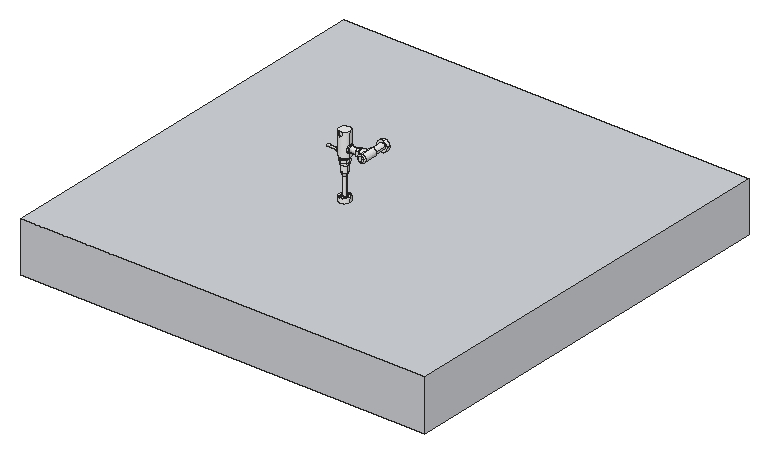
Revit family
Parameters (values of type "Chrome-CP-Polished_Chrome")
  Width Calc = if(Width < 0' 4 3/8", 0' 4 3/8", if(Width > 0' 5 3/8", 0' 5 3/8", Width))  # 0' - 5 3/8"
  Width = 0' - 5 3/8"
  URL = "http://www.us.kohler.com"
  Product Page URL = "http://www.us.kohler.com/onlinecatalog/detail.jsp?prod_num=13519"
  Product Documentation Link = "http://www.us.kohler.com/onlinecatalog/pdf/1151510_4.pdf"
  Overall Width [instance] = 0' - 10.72808"
  Overall Length [instance] = 0' - 6.81488"
  Overall Height [instance] = 1' - 1.40793"
  Model = "K-13519"  # constant formula
  Manufacturer = "Kohler"  # constant formula
  Length Calc = if(Length < 0' 2 1/4", 0' 2 1/4", if(Length > 0' 5", 0' 5", Length))  # 0' - 5"
  Length = 0' - 5"
  Height Calc = if(Height < 0' 11 3/4", 0' 11 3/4", if(Height > 1' 3", 1' 3", Height))  # 1' - 3"
  Height = 1' - 3"
  Flush Rate = 0.5 GPM
  Finish = Chrome-Kohler-CP-Polished Chrome
  Description = "Manual 0.5 gpf Washdown Urinal Valve"  # constant formula
  Default Elevation = 0' - 0"
  Created By = "http://www.medialab3dstudio.com"
  Cold Water Radius = 0.688"
  Cold Water Diameter = Cold Water Radius * 2  # 1.37601"
  Cold Water Connector = "Cold Water Connection"  # constant formula
  CWFU = 0
  CW Connection = yes
  Assembly Code = "D2090900"
Reference planes (in)
  plane 1 "Back": y = 0
  plane 2 "Bottom": z = 0
  plane 3 "Center (Left/Right)": x = 0
  plane 4: x = -5.375
  plane 5: z = 11.41556
  plane 6 "Front/Back Center": y = -5
  plane 7: z = 7.87954
  plane 8: z = 8.35583
  plane 9: z = 8.88725
  plane 10: z = 8.93449
  plane 11: z = 8.97384
  plane 12: z = 9.06183
  plane 13: z = 9.28863
  plane 14: z = 9.60385
  plane 15 "Top": z = 15
  plane 16: x = -6.88078
  plane 17: x = -2.05196
  plane 18: x = -3.87111
  plane 19: x = -1.47211
  plane 20: y = -6.14864
  plane 21: y = -6.26572
  plane 22: y = -6.6602
  plane 23: y = -3.44865
  plane 24: z = 12.29047
  plane 25: y = -0.59834
  plane 26: z = 8.38059
  plane 27: x = -1.27845
  plane 28: x = -1.25
  plane 29: x = -0.688
  plane 30: x = 1.27845
  plane 31: x = 1.25
  plane 32: x = 0.688
  plane 33: x = 0.87506
  plane 34: x = 0.72038
  plane 35: x = -0.72038
  plane 36: x = -0.87506
  plane 37: x = -3.96479
  plane 38: x = -4.07445
  plane 39: x = -6.80478
  plane 40: x = -6.88078
  plane 41: x = -9.41535
  plane 42: y = -4.78862
  plane 43: y = -5.21138
  plane 44: y = -4.52749
  plane 45: y = -4.24098
  plane 46: y = -4.29211
  plane 47: y = -4.34356
  plane 48: y = -4.16444
  plane 49: y = -6.81488
  plane 50: y = -5.83556
  plane 51: y = -5.65644
  plane 52: y = -5.70789
  plane 53: y = -5.75902
  plane 54: y = -5.47251
  plane 55 "Left": x = -9.44963
  plane 56 "Front": y = -6.81488
  plane 57 "Right": x = 1.27845
  plane 58: x = -6.88084
  plane 59: x = -6.75625
  plane 60: x = -6.4773
  plane 61: x = -6.12495
  plane 62: x = -6.35909
  plane 63: x = -6.40833
  plane 64: x = -6.31969
  plane 65: x = -6.28034
  plane 66: x = -6.24094
  plane 67: x = -6.55616
  plane 68: x = -6.63458
  plane 69: x = -6.73347
  plane 70: x = -6.76287
  plane 71: x = -6.94676
  plane 72: x = -6.99622
  plane 73: x = -9.41535
  plane 74: x = -4.11542
  plane 75: x = -3.95787
  plane 76: x = -3.86916
  plane 77: x = -0.96761
  plane 78: x = -4.17103
  plane 79: x = -4.50906
  plane 80: x = -4.46999
  plane 81: x = -4.4302
  plane 82: x = -4.34167
  plane 83: x = -4.39091
  plane 84: x = -4.62505
  plane 85: x = -4.2727
  plane 86: x = -3.99375
  plane 87: z = 9.81043
  plane 88: z = 9.83953
  plane 89: z = 10.07095
  plane 90: z = 10.09239
  plane 91: z = 10.10111
  plane 92: z = 10.52357
  plane 93: z = 10.53229
  plane 94: z = 10.55372
  plane 95: z = 10.78939
  plane 96: z = 10.8188
  plane 97: z = 12.28078
  plane 98: z = 12.12323
  plane 99: z = 12.07199
  plane 100: z = 12.35933
  plane 101: z = 12.25112
  plane 102: z = 10.57999
  plane 103: z = 10.47179
  plane 104: z = 10.76367
  plane 105: z = 10.71243
  plane 106: z = 12.694
  plane 107: z = 12.66556
  plane 108: z = 12.10356
  plane 109: z = 12.29047
  plane 110: z = 14.42934
  plane 111: z = 13.97262
  plane 112: z = 12.14259
  plane 113: z = 10.68827
  plane 114: z = 10.54065
  plane 115: z = 10.72755
  plane 116: z = 10.16556
  plane 117: z = 10.13711
  plane 118: y = -3.74042
  plane 119: y = -6.18507
  plane 120: y = -6.26029
  plane 121: y = -6.19812
  plane 122: y = -5.86612
  plane 123: y = -5.94467
  plane 124: y = -6.19319
  plane 125: y = -5.98409
  plane 126: y = -5.74888
  plane 127: y = -5.95462
  plane 128: y = -6.38125
  plane 129: y = -6.50584
  plane 130: y = -3.49416
  plane 131: y = -3.61875
  plane 132: y = -4.04538
  plane 133: y = -4.25005
  plane 134: y = -4.01573
  plane 135: y = -3.80681
  plane 136: y = -4.05533
  plane 137: y = -4.13388
  plane 138: y = -3.80188
  plane 139: z = 6.24485
  plane 140: z = 5.30604
  plane 141: z = 1
  plane 142: z = 1.1775
  plane 143: x = -4.11178
  plane 144: x = -4.1656
  plane 145: x = -4.64481
  plane 146: x = -5
  plane 147: x = -5.75
  plane 148: x = -6.10519
  plane 149: x = -6.5844
  plane 150: x = -6.63822
Forms (in)
  Extrusion 1, solid
    sketch origin (0, 0, 0) x (1, 0, 0) y (0, 1, 0)
      loop
        line (-48, 48) -> (-48, -48) -> (48, -48) -> (48, 48) -> (-48, 48)
    from 0 to -12
  Blend 2, solid, material "Chrome-Kohler-CP-Polished Chrome" <- "Finish", detail levels fine
    base sketch origin (0, -3.86406, 0) x (1, 0, 0) y (0, 1, 0)
      loop
        circle (-5.375, -1.13594) r 0.74995
    top sketch origin (0, -3.86406, 0) x (1, 0, 0) y (0, 1, 0)
      loop
        circle (-5.375, -1.13594) r 0.74995
    from 6.24485 to 7.87954
  Blend 3, solid, material "Chrome-Kohler-CP-Polished Chrome" <- "Finish", detail levels fine
    base sketch origin (0, -3.86406, 0) x (1, 0, 0) y (0, 1, 0)
      loop
        circle (-5.375, -1.13594) r 0.98409
    top sketch origin (0, -3.86406, 0) x (1, 0, 0) y (0, 1, 0)
      loop
        circle (-5.375, -1.13594) r 0.98409
    from 7.87954 to 8.35583
  Blend 4, solid, material "Chrome-Kohler-CP-Polished Chrome" <- "Finish", detail levels fine
    base sketch origin (0, -3.86406, 0) x (1, 0, 0) y (0, 1, 0)
      loop
        circle (-5.375, -1.13594) r 0.94469
    top sketch origin (0, -3.86406, 0) x (1, 0, 0) y (0, 1, 0)
      loop
        circle (-5.375, -1.13594) r 0.94469
    from 8.88725 to 8.93449
  Blend 5, solid, material "Chrome-Kohler-CP-Polished Chrome" <- "Finish", detail levels fine
    base sketch origin (0, -3.86406, 0) x (1, 0, 0) y (0, 1, 0)
      loop
        circle (-5.375, -1.13594) r 0.94469
    top sketch origin (0, -3.86406, 0) x (1, 0, 0) y (0, 1, 0)
      loop
        circle (-5.375, -1.13594) r 0.90545
    from 8.93449 to 8.97384
  Revolve 6, solid, material "Chrome-Kohler-CP-Polished Chrome" <- "Finish", detail levels fine
    sketch origin (0, -5, 0) x (1, 0, 0) y (0, 0, 1)
      loop
        line (-5.375, 9.06183) -> (-6.24094, 9.06183)
        arc (-6.24094, 9.06183) -> (-6.25183, 9.01386) -> (-6.28045, 8.97384) r 0.12456
        line (-6.28045, 8.97384) -> (-5.375, 8.97384) -> (-5.375, 9.06183)
      axis (-5.375, 9.06183) -> (-5.375, 8.97384)
    angle from 0 to 360
  Blend 7, solid, material "Chrome-Kohler-CP-Polished Chrome" <- "Finish", detail levels fine
    base sketch origin (0, -3.86406, 0) x (1, 0, 0) y (0, 1, 0)
      loop
        circle (-5.375, -1.13594) r 0.86594
    top sketch origin (0, -3.86406, 0) x (1, 0, 0) y (0, 1, 0)
      loop
        circle (-5.375, -1.13594) r 0.86594
    from 9.06183 to 9.28863
  Revolve 8, solid, material "Chrome-Kohler-CP-Polished Chrome" <- "Finish", detail levels fine
    sketch origin (0, -5, 0) x (1, 0, 0) y (0, 0, 1)
      loop
        arc (-6.5696, 9.60385) -> (-6.34216, 9.51227) -> (-6.24164, 9.28863) r 0.32822
        line (-6.24164, 9.28863) -> (-5.375, 9.28863) -> (-5.375, 9.60385) -> (-6.5696, 9.60385)
      axis (-5.375, 9.60385) -> (-5.375, 9.28863)
    angle from 0 to 360
  Blend 9, solid, material "Chrome-Kohler-CP-Polished Chrome" <- "Finish", detail levels fine
    base sketch origin (0, -3.86406, 0) x (1, 0, 0) y (0, 1, 0)
      loop
        circle (-5.375, -1.13594) r 1.25958
    top sketch origin (0, -3.86406, 0) x (1, 0, 0) y (0, 1, 0)
      loop
        circle (-5.375, -1.13594) r 1.25958
    from 9.60385 to 15
  Revolve 10, solid, material "Chrome-Kohler-CP-Polished Chrome" <- "Finish", detail levels fine
    sketch origin (0, -5, -0.14367) x (1, 0, 0) y (0, 0, 1)
      loop
        line (-9.44936, 10.456) -> (-5.375, 10.456) -> (-5.375, 10.95791) -> (-6.73377, 10.95791)
        arc (-6.73377, 10.95791) -> (-6.74255, 10.93711) -> (-6.76343, 10.92851) r 0.02966
        line (-6.76343, 10.92851) -> (-6.88078, 10.92851) -> (-6.88078, 10.69739)
        arc (-6.88078, 10.69739) -> (-6.90901, 10.69022) -> (-6.93624, 10.6799) r 0.2572
        arc (-6.93624, 10.6799) -> (-6.96512, 10.67051) -> (-6.99532, 10.66734) r 0.14525
        line (-6.99532, 10.66734) -> (-9.41535, 10.66734)
        arc (-9.41535, 10.66734) -> (-9.44051, 10.56298) -> (-9.44936, 10.456) r 0.69777
      axis (-5.375, 10.456) -> (-9.44936, 10.456)
    angle from 0 to 360
  Revolve 11, solid, material "Chrome-Kohler-CP-Polished Chrome" <- "Finish", detail levels fine
    sketch origin (0, -5, 0) x (1, 0, 0) y (0, 0, 1)
      loop
        line (-4.1152, 12.28074) -> (-5.375, 12.28074) -> (-5.375, 11.41556) -> (-2.05196, 11.41556) -> (-2.05196, 12.07199) -> (-3.87111, 12.07199) -> (-3.87111, 12.12323) -> (-3.9577, 12.12323)
        arc (-3.9577, 12.12323) -> (-4.06907, 12.16937) -> (-4.1152, 12.28074) r 0.1575
      axis (-5.375, 11.41556) -> (-2.05196, 11.41556)
    angle from 0 to 360
  Blend 12, solid, material "Chrome-Kohler-CP-Polished Chrome" <- "Finish", detail levels fine
    base sketch origin (0, 0, 0) x (0, 1, 0) y (0, 0, 1)
      loop
        line (-4.18267, 11.88744) -> (-5, 12.35933) -> (-5.81733, 11.88744) -> (-5.81733, 10.94367) -> (-5, 10.47179) -> (-4.18267, 10.94367) -> (-4.18267, 11.88744)
    top sketch origin (0, 0, 0) x (0, 1, 0) y (0, 0, 1)
      loop
        line (-4.18267, 11.88744) -> (-5, 12.35933) -> (-5.81733, 11.88744) -> (-5.81733, 10.94367) -> (-5, 10.47179) -> (-4.18267, 10.94367) -> (-4.18267, 11.88744)
    from -2.05196 to -1.47211
  Blend 13, void
    base sketch origin (0, 0, 0) x (1, 0, 0) y (0, 0, 1)
      loop
        arc (-5.82421, 14.42934) -> (-5.37495, 13.98007) -> (-4.92568, 14.42934) r 0.44926
        line (-4.92568, 14.42934) -> (-4.92568, 15.03972) -> (-5.82421, 15.03972) -> (-5.82421, 14.42934)
    top sketch origin (0, 0, 0) x (1, 0, 0) y (0, 0, 1)
      loop
        line (-4.95822, 14.42934) -> (-4.95822, 15.03972) -> (-5.79167, 15.03972) -> (-5.79167, 14.42934)
        arc (-5.79167, 14.42934) -> (-5.37495, 14.01261) -> (-4.95822, 14.42934) r 0.41673
    from 6.26572 to 6.14864
  Blend 14, solid, material "Chrome-Kohler-CP-Polished Chrome" <- "Finish", detail levels fine
    base sketch origin (0, 0, 0) x (0, 1, 0) y (0, 0, 1)
      loop
        circle (-5, 11.41556) r 0.83556
    top sketch origin (0, 0, 0) x (0, 1, 0) y (0, 0, 1)
      loop
        circle (-5, 11.41556) r 0.83556
    from -1.47211 to 0
  Revolve 15, solid, material "Chrome-Kohler-CP-Polished Chrome" <- "Finish", detail levels fine
    sketch origin (0, 3.18594, 0) x (0, 1, 0) y (0, 0, 1)
      loop
        line (-6.63459, 11.41556) -> (-6.63459, 12.29047) -> (-9.84614, 12.29047)
        arc (-9.84614, 12.29047) -> (-9.95482, 12.24932) -> (-10.00039, 12.14242) r 0.14817
        line (-10.00039, 12.14242) -> (-10.00039, 11.41556) -> (-6.63459, 11.41556)
      axis (-6.63459, 11.41556) -> (-10.00039, 11.41556)
    angle from 0 to 360
  Blend 16, solid, material "Chrome-Kohler-CP-Polished Chrome" <- "Finish", detail levels fine
    base sketch origin (0, 0, 0) x (1, 0, 0) y (0, 0, 1)
      loop
        circle (0, 11.41556) r 0.688
    top sketch origin (0, 0, 0) x (1, 0, 0) y (0, 0, 1)
      loop
        circle (0, 11.41556) r 0.688
    from 0.59834 to 3.44865
  Blend 17, solid, material "Chrome-Kohler-CP-Polished Chrome" <- "Finish", detail levels fine
    base sketch origin (0, 0, 0) x (1, 0, 0) y (0, 0, 1)
      loop
        circle (0, 11.41556) r 1.27845
    top sketch origin (0, 0, 0) x (1, 0, 0) y (0, 0, 1)
      loop
        circle (0, 11.41556) r 1.25
    from 0 to 0.59834
  Blend 18, solid, material "Chrome-Kohler-CP-Polished Chrome" <- "Finish", detail levels fine
    base sketch origin (0, 0, 0) x (1, 0, 0) y (0, 1, 0)
      loop
        line (-5.375, -3.80681) -> (-6.40833, -4.40341) -> (-6.40833, -5) -> (-6.40833, -5.59659) -> (-5.375, -6.19319) -> (-4.34167, -5.59659) -> (-4.34167, -5) -> (-4.34167, -4.40341) -> (-5.375, -3.80681)
    top sketch origin (0, 0, 0) x (1, 0, 0) y (0, 1, 0)
      loop
        line (-5.375, -3.80681) -> (-6.40833, -4.40341) -> (-6.40833, -5) -> (-6.40833, -5.59659) -> (-5.375, -6.19319) -> (-4.34167, -5.59659) -> (-4.34167, -5) -> (-4.34167, -4.40341) -> (-5.375, -3.80681)
    from 8.35583 to 8.88725
  Blend 19, solid, material "Chrome-Kohler-CP-Polished Chrome" <- "Finish", detail levels fine
    base sketch origin (0, 0, 0) x (1, 0, 0) y (0, 1, 0)
      loop
        line (-5.0099, -4.36764) -> (-5.7401, -4.36764) -> (-6.10519, -5) -> (-5.7401, -5.63236) -> (-5.0099, -5.63236) -> (-4.64481, -5) -> (-5.0099, -4.36764)
    top sketch origin (0, 0, 0) x (1, 0, 0) y (0, 1, 0)
      loop
        line (-5.0099, -4.36764) -> (-5.7401, -4.36764) -> (-6.10519, -5) -> (-5.7401, -5.63236) -> (-5.0099, -5.63236) -> (-4.64481, -5) -> (-5.0099, -4.36764)
    from 1 to 1.1775
  Extrusion 20, solid, material "Chrome-Kohler-CP-Polished Chrome" <- "Finish", detail levels coarse+medium
    sketch origin (0, 0, 0) x (1, 0, 0) y (0, 1, 0)
      loop
        line (-9.44963, 0) -> (-9.44963, -6.81488) -> (1.27845, -6.81488) -> (1.27845, 0) -> (-9.44963, 0)
    from 0 to 15
  Extrusion 21, void
    sketch origin (0, 0, 0) x (1, 0, 0) y (0, 0, 1)
      loop
        arc (0.688, 11.41556) -> (0.48649, 11.90205) -> (0, 12.10356) r 0.688
        arc (0, 12.10356) -> (-0.48649, 11.90205) -> (-0.688, 11.41556) r 0.688
        arc (-0.688, 11.41556) -> (-0.48649, 10.92906) -> (0, 10.72755) r 0.688
        arc (0, 10.72755) -> (0.48649, 10.92906) -> (0.688, 11.41556) r 0.688
    from 0 to 0.59834
  Blend 22, solid, material "Chrome-Kohler-CP-Polished Chrome" <- "Finish", detail levels fine
    base sketch origin (0, 0, 0) x (1, 0, 0) y (0, 1, 0)
      loop
        circle (-5.375, -5) r 0.375
    top sketch origin (0, 0, 0) x (1, 0, 0) y (0, 1, 0)
      loop
        circle (-5.375, -5) r 0.74995
    from 5.30604 to 6.24485
  Blend 23, solid, material "Chrome-Kohler-CP-Polished Chrome" <- "Finish", detail levels fine
    base sketch origin (0, 0, 0) x (1, 0, 0) y (0, 1, 0)
      loop
        circle (-5.375, -5) r 0.375
    top sketch origin (0, 0, 0) x (1, 0, 0) y (0, 1, 0)
      loop
        circle (-5.375, -5) r 0.375
    from 5.30604 to 1.1775
  Blend 24, solid, material "Chrome-Kohler-CP-Polished Chrome" <- "Finish", detail levels fine
    base sketch origin (0, 0, 0) x (1, 0, 0) y (0, 1, 0)
      loop
        circle (-5.375, -5) r 1.26322
    top sketch origin (0, 0, 0) x (1, 0, 0) y (0, 1, 0)
      loop
        circle (-5.375, -5) r 1.2094
    from 0 to 1
Cuts and joins
  joined: Blend 2, Blend 3, Blend 4, Blend 18, Blend 19, Blend 22, Blend 23, Blend 24
  Blend 13 cuts Blend 9
  Extrusion 21 cuts Blend 17
  joined: Revolve 8, Blend 9, Revolve 10, Revolve 11, Blend 12, Blend 14, Revolve 15, Blend 16, Blend 17
Lines and regions (in)
  Masking region 1, detail levels medium+fine
    outline origin (0, -5, 0) x (1, 0, 0) y (0, 0, 1)
      loop
        line (-6.35909, 7.87954) -> (-6.12495, 7.87954) -> (-6.12495, 6.24485) -> (-5.75, 5.30604) -> (-5.75, 1.1775) -> (-6.10519, 1.1775) -> (-6.10519, 1) -> (-6.5844, 1) -> (-6.63822, 0) -> (-4.11178, 0) -> (-4.1656, 1) -> (-4.64481, 1) -> (-4.64481, 1.1775) -> (-5, 1.1775) -> (-5, 5.30604) -> (-4.62505, 6.24485) -> (-4.62505, 7.87954) -> (-4.39091, 7.87954) -> (-4.39091, 8.35583) -> (-4.34167, 8.35583) -> (-4.34167, 8.88725) -> (-4.4302, 8.88725) -> (-4.4302, 8.93449) -> (-4.46955, 8.97384)
        arc (-4.46955, 8.97384) -> (-4.49873, 9.0136) -> (-4.50906, 9.06183) r 0.11774
        line (-4.50906, 9.06183) -> (-4.50906, 9.28863)
        arc (-4.50906, 9.28863) -> (-4.40479, 9.51567) -> (-4.17103, 9.60385) r 0.32874
        line (-4.17103, 9.60385) -> (-4.11537, 9.60385) -> (-4.11537, 10.55492)
        arc (-4.11537, 10.55492) -> (-4.06924, 10.66629) -> (-3.95787, 10.71243) r 0.1575
        line (-3.95787, 10.71243) -> (-3.86916, 10.71243) -> (-3.86916, 10.76367) -> (-2.05196, 10.76367) -> (-2.05196, 10.47179) -> (-1.47211, 10.47179) -> (-1.47211, 10.57999) -> (-0.96761, 10.57999)
        arc (-0.96761, 10.57999) -> (0.44575, 10.21733) -> (1.27845, 11.41556) r 1.27845
        arc (1.27845, 11.41556) -> (0.44575, 12.61378) -> (-0.96761, 12.25112) r 1.27845
        line (-0.96761, 12.25112) -> (-1.47211, 12.25112) -> (-1.47211, 12.35933) -> (-2.05196, 12.35933) -> (-2.05196, 12.07199) -> (-3.86916, 12.07199) -> (-3.86916, 12.12323) -> (-3.95787, 12.12323)
        arc (-3.95787, 12.12323) -> (-4.06927, 12.16938) -> (-4.11542, 12.28078) r 0.15754
        line (-4.11542, 12.28078) -> (-4.11542, 15) -> (-6.63458, 15) -> (-6.63458, 10.8188) -> (-6.73347, 10.8188)
        arc (-6.73347, 10.8188) -> (-6.74208, 10.79801) -> (-6.76287, 10.78939) r 0.0294
        line (-6.76287, 10.78939) -> (-6.88084, 10.78939) -> (-6.88084, 10.55371)
        arc (-6.88084, 10.55371) -> (-6.91447, 10.54505) -> (-6.94676, 10.53229) r 0.27867
        arc (-6.94676, 10.53229) -> (-6.97091, 10.52464) -> (-6.99622, 10.52357) r 0.09614
        line (-6.99622, 10.52357) -> (-9.41517, 10.52357)
        arc (-9.41517, 10.52357) -> (-9.44963, 10.31234) -> (-9.41517, 10.10111) r 0.66451
        line (-9.41517, 10.10111) -> (-6.99622, 10.10111)
        arc (-6.99622, 10.10111) -> (-6.97091, 10.10003) -> (-6.94676, 10.09239) r 0.09614
        arc (-6.94676, 10.09239) -> (-6.91444, 10.07961) -> (-6.88078, 10.07095) r 0.279
        line (-6.88078, 10.07095) -> (-6.88078, 9.83953) -> (-6.76287, 9.83953)
        arc (-6.76287, 9.83953) -> (-6.7421, 9.83111) -> (-6.73347, 9.81043) r 0.02911
        line (-6.73347, 9.81043) -> (-6.63458, 9.81043) -> (-6.63458, 9.60385) -> (-6.55616, 9.60385)
        arc (-6.55616, 9.60385) -> (-6.33326, 9.51152) -> (-6.24094, 9.28863) r 0.31522
        line (-6.24094, 9.28863) -> (-6.24094, 9.06183)
        arc (-6.24094, 9.06183) -> (-6.25253, 9.01421) -> (-6.28034, 8.97384) r 0.13527
        line (-6.28034, 8.97384) -> (-6.31969, 8.93449) -> (-6.31969, 8.88725) -> (-6.40833, 8.88725) -> (-6.40833, 8.35583) -> (-6.35909, 8.35583) -> (-6.35909, 7.87954)
  Masking region 2, detail levels medium+fine
    outline origin (0, 0, 0) x (1, 0, 0) y (0, 1, 0)
      loop
        line (-1.27845, 0) -> (-1.25, -0.59834) -> (-0.688, -0.59834) -> (-0.688, -3.44865) -> (-0.87506, -3.44865) -> (-0.87506, -4.16444) -> (-2.05196, -4.16444) -> (-2.05196, -4.34356) -> (-3.87111, -4.34356) -> (-3.87111, -4.29211) -> (-3.96479, -4.29211)
        arc (-3.96479, -4.29211) -> (-4.0251, -4.2783) -> (-4.07445, -4.24098) r 0.14758
        arc (-4.07445, -4.24098) -> (-5.53216, -3.50239) -> (-6.80478, -4.52749) r 1.50584
        line (-6.80478, -4.52749) -> (-6.88078, -4.52749) -> (-6.88078, -4.78862) -> (-9.41535, -4.78862)
        arc (-9.41535, -4.78862) -> (-9.44963, -5) -> (-9.41535, -5.21138) r 0.66887
        line (-9.41535, -5.21138) -> (-6.88078, -5.21138) -> (-6.88078, -5.47251) -> (-6.80478, -5.47251)
        arc (-6.80478, -5.47251) -> (-5.53216, -6.49761) -> (-4.07445, -5.75902) r 1.50584
        arc (-4.07445, -5.75902) -> (-4.0251, -5.7217) -> (-3.96479, -5.70789) r 0.14758
        line (-3.96479, -5.70789) -> (-3.87111, -5.70789) -> (-3.87111, -5.65644) -> (-2.05196, -5.65644) -> (-2.05196, -5.83556) -> (-0.87506, -5.83556) -> (-0.87506, -6.6602)
        arc (-0.87506, -6.6602) -> (-0.82976, -6.76958) -> (-0.72038, -6.81488) r 0.15468
        line (-0.72038, -6.81488) -> (0.72038, -6.81488)
        arc (0.72038, -6.81488) -> (0.82976, -6.76958) -> (0.87506, -6.6602) r 0.15468
        line (0.87506, -6.6602) -> (0.87506, -3.44865) -> (0.688, -3.44865) -> (0.688, -0.59834) -> (1.25, -0.59834) -> (1.27845, 0) -> (-1.27845, 0)
  Masking region 3, detail levels coarse
    outline origin (0, 0, 0) x (1, 0, 0) y (0, 1, 0)
      loop
        line (-9.44963, 0) -> (-9.44963, -6.81488) -> (1.27845, -6.81488) -> (1.27845, 0) -> (-9.44963, 0)
  Masking region 4, detail levels coarse
    outline origin (0, 0, 0) x (1, 0, 0) y (0, 0, 1)
      loop
        line (-9.44963, 15) -> (-9.44963, 0) -> (1.27845, 0) -> (1.27845, 15) -> (-9.44963, 15)
  Masking region 5, detail levels medium+fine
    outline origin (0, 0, 0) x (0, 1, 0) y (0, 0, 1)
      loop
        line (0, 10.13711) -> (0, 12.694) -> (-0.59834, 12.66556) -> (-0.59834, 12.10356) -> (-3.44865, 12.10356) -> (-3.44865, 12.29047) -> (-3.74042, 12.29047) -> (-3.74042, 15) -> (-6.18507, 15) -> (-6.18507, 14.42934)
        arc (-6.18507, 14.42934) -> (-6.204, 14.1979) -> (-6.26029, 13.97262) r 1.42415
        line (-6.26029, 13.97262) -> (-6.26029, 12.29047) -> (-6.6602, 12.29047)
        arc (-6.6602, 12.29047) -> (-6.767, 12.24752) -> (-6.81432, 12.14259) r 0.15425
        line (-6.81432, 12.14259) -> (-6.81432, 10.68827)
        arc (-6.81432, 10.68827) -> (-6.76877, 10.58156) -> (-6.6602, 10.54065) r 0.14776
        line (-6.6602, 10.54065) -> (-6.26029, 10.54065) -> (-6.26029, 9.60385) -> (-6.19812, 9.60385)
        arc (-6.19812, 9.60385) -> (-5.96916, 9.51243) -> (-5.86612, 9.28846) r 0.33244
        line (-5.86612, 9.28846) -> (-5.86612, 9.06183)
        arc (-5.86612, 9.06183) -> (-5.8937, 8.99072) -> (-5.94467, 8.93396) r 0.21202
        line (-5.94467, 8.93396) -> (-5.94467, 8.88725) -> (-6.19319, 8.88725) -> (-6.19319, 8.35583) -> (-5.98409, 8.35583) -> (-5.98409, 7.87954) -> (-5.74888, 7.87954) -> (-5.74888, 6.24485) -> (-5.375, 5.30604) -> (-5.375, 1.1775) -> (-5.95462, 1.1775) -> (-5.95462, 1) -> (-6.2096, 1) -> (-6.26371, 0) -> (-3.73821, 0) -> (-3.79062, 1) -> (-4.04538, 1) -> (-4.04538, 1.1775) -> (-4.625, 1.1775) -> (-4.625, 5.30604) -> (-4.25005, 6.24485) -> (-4.25005, 7.87954) -> (-4.01573, 7.87954) -> (-4.01573, 8.35583) -> (-3.80681, 8.35583) -> (-3.80681, 8.88725) -> (-4.05533, 8.88725) -> (-4.05533, 8.93396)
        arc (-4.05533, 8.93396) -> (-4.1063, 8.99072) -> (-4.13388, 9.06183) r 0.21202
        line (-4.13388, 9.06183) -> (-4.13388, 9.28846)
        arc (-4.13388, 9.28846) -> (-4.03084, 9.51243) -> (-3.80188, 9.60385) r 0.33244
        line (-3.80188, 9.60385) -> (-3.74042, 9.60385) -> (-3.74042, 10.54065) -> (-3.44865, 10.54065) -> (-3.44865, 10.72755) -> (-0.59834, 10.72755) -> (-0.59834, 10.16556) -> (0, 10.13711)
  Masking region 6, detail levels coarse
    outline origin (0, 0, 0) x (0, 1, 0) y (0, 0, 1)
      loop
        line (0, 15) -> (-6.81488, 15) -> (-6.81488, 0) -> (0, 0) -> (0, 15)
  Masking region 7, detail levels fine
    outline origin (0, 0, 0) x (1, 0, 0) y (0, 0, 1)
      loop
        circle (0, 11.41556) r 1.27845
  symbolic lines, style "Masking Lines", detail levels fine
    curve 1: line (-9.41541, 0, 10.101) -> (-9.41541, 0, 10.52367)
    curve 2: line (-6.88084, 0, 10.78484) -> (-6.88084, 0, 9.83983)
    curve 3: line (-6.73382, 0, 9.81043) -> (-6.73382, 0, 10.81425)
    curve 4: line (-6.63464, 0, 10.81425) -> (-6.63464, 0, 9.81043)
    curve 5: line (-4.11547, 0, 10.55037) -> (-4.11547, 0, 12.28074)
    curve 6: line (-4.11525, 0, 10.55037) -> (-4.11525, 0, 12.28074)
    curve 7: line (-3.87116, 0, 12.12323) -> (-3.87116, 0, 10.70788)
    curve 8: line (-6.63464, 0, 9.60385) -> (-4.11547, 0, 9.60385)
    curve 9: line (-6.24169, 0, 9.28863) -> (-4.50842, 0, 9.28863)
    curve 10: line (-6.24099, 0, 9.06183) -> (-4.50912, 0, 9.06183)
    curve 11: line (-6.2805, 0, 8.97384) -> (-4.46961, 0, 8.97384)
    curve 12: line (-4.43037, 0, 8.93449) -> (-6.31974, 0, 8.93449)
    curve 13: line (-6.40838, 0, 8.35583) -> (-4.34172, 0, 8.35583)
    curve 14: line (-5.37505, 0, 8.35583) -> (-5.37505, 0, 8.88725)
    curve 15: line (-6.35915, 0, 7.87954) -> (-4.39096, 0, 7.87954)
    curve 16: line (-5.80185, 0, 14.42934) -> (-5.80185, 0, 15)
    curve 17: line (-4.94816, 0, 15) -> (-4.94816, 0, 14.42934)
    curve 18: line (-4.94816, 0, 14.42934) -> (-5.80185, 0, 14.42934)
    curve 19: arc (-5.79173, 0, 14.42934) -> (-5.375, 0, 14.01261) -> (-4.95827, 0, 14.42934) r 0.41673
    curve 20: line (-5.79173, 0, 15) -> (-5.79173, 0, 14.42934)
    curve 21: line (-4.95827, 0, 14.42934) -> (-4.95827, 0, 15)
    curve 43: line (-1.25, -0.59834, 0) -> (1.25, -0.59834, 0)
    curve 44: line (0, -3.44865, 0) -> (0.87491, -3.44865, 0)
    curve 45: line (-0.87491, -3.44865, 0) -> (0, -3.44865, 0)
    curve 46: line (-0.87491, -5.83556, 0) -> (-0.87491, -4.16444, 0)
    curve 47: line (-1.47211, -5.81733, 0) -> (-1.47211, -4.18267, 0)
    curve 48: line (-1.47211, -5, 0) -> (-2.05196, -5, 0)
    curve 49: line (-1.47211, -4.18267, 0) -> (-2.05196, -4.18267, 0)
    curve 50: line (-2.05196, -5.81733, 0) -> (-1.47211, -5.81733, 0)
    curve 51: line (-2.05196, -4.18267, 0) -> (-2.05196, -5.81733, 0)
    curve 52: line (-3.87111, -5, 0) -> (-3.87111, -5.70768, 0)
    curve 53: line (-3.87111, -4.29232, 0) -> (-3.87111, -5, 0)
    curve 54: line (-6.88078, -4.52749, 0) -> (-6.88078, -5, 0)
    curve 55: line (-6.88078, -5, 0) -> (-6.88078, -5.47251, 0)
    curve 56: arc (-6.63458, -5, 0) -> (-5.375, -6.25958, 0) -> (-4.11542, -5, 0) r 1.25958
    curve 57: arc (-4.11542, -5, 0) -> (-5.375, -3.74042, 0) -> (-6.63458, -5, 0) r 1.25958
    curve 58: arc (-4.29867, -4.13434, 0) -> (-5.60065, -3.6373, 0) -> (-6.67292, -4.52749, 0) r 1.38125
    curve 59: arc (-6.67292, -5.47251, 0) -> (-5.60031, -6.36275, 0) -> (-4.29824, -5.86513, 0) r 1.38125
    curve 60: line (-4.95822, -6.14864, 0) -> (-5.79167, -6.14864, 0)
    curve 61: line (-4.9481, -6.18504, 0) -> (-4.95822, -6.14864, 0)
    curve 62: line (-5.79167, -6.14864, 0) -> (-5.8018, -6.18507, 0)
    curve 63: line (-4.1564, -4.13434, 0) -> (-4.46002, -4.13434, 0)
    curve 64: line (-4.15589, -5.86513, 0) -> (-4.45952, -5.86513, 0)
    curve 65: line (-6.88078, -4.52749, 0) -> (-6.5426, -4.52749, 0)
    curve 66: line (-6.88078, -5.47251, 0) -> (-6.5426, -5.47251, 0)
    curve 67: line (0, -0.59834, 12.66556) -> (0, -0.59834, 10.16556)
    curve 68: line (0, -3.44865, 12.29047) -> (0, -3.44865, 10.54065)
    curve 69: line (-9.44963, -3.74042, 10.54065) -> (-9.44963, -3.74042, 12.29047)
    curve 70: line (-9.44963, -6.26029, 12.29047) -> (-9.44963, -6.26029, 10.54065)
    curve 71: line (0, -6.25958, 9.60385) -> (0, -3.74042, 9.60385)
    curve 72: line (0, -5, 9.28863) -> (0, -4.13336, 9.28863)
    curve 73: line (0, -5.86664, 9.28863) -> (0, -5, 9.28863)
    curve 74: line (0, -5.86594, 9.06183) -> (0, -4.13406, 9.06183)
    curve 75: line (0, -5, 8.97384) -> (0, -4.09455, 8.97384)
    curve 76: line (0, -5.90545, 8.97384) -> (0, -5, 8.97384)
    curve 77: line (0, -4.05531, 8.93449) -> (0, -5.94469, 8.93449)
    curve 78: line (0, -3.80681, 8.88725) -> (0, -6.19319, 8.88725)
    curve 79: line (0, -6.19319, 8.35583) -> (0, -3.80681, 8.35583)
    curve 80: line (0, -5.98409, 7.87954) -> (0, -4.01591, 7.87954)
    curve 81: line (0, -4.04538, 1.1775) -> (0, -5.95462, 1.1775)
    curve 82: line (0, -4.40341, 8.88725) -> (0, -4.40341, 8.35583)
    curve 83: line (0, -5.59659, 8.35583) -> (0, -5.59659, 8.88725)
    curve 84: line (1.27845, -6.26029, 12.29047) -> (1.27845, -3.74042, 12.29047)
    curve 85: line (1.27845, -6.26029, 10.54065) -> (1.27845, -3.74042, 10.54065)
    curve 86: line (-2.05196, -5, 12.35933) -> (-2.05196, -5, 10.47179)
    curve 87: line (-2.05196, -5, 10.94367) -> (-1.47211, -5, 10.94367)
    curve 88: line (-2.05196, -5, 11.88744) -> (-1.47211, -5, 11.88744)
    curve 89: line (-1.47211, -5, 10.47179) -> (-1.47211, -5, 12.35933)
    curve 90: arc (0, -6.81488, 12.29047) -> (-0.87491, -6.81488, 11.41556) -> (0, -6.81488, 10.54065) r 0.87491
    curve 91: arc (0, -6.81488, 10.54065) -> (0.87491, -6.81488, 11.41556) -> (0, -6.81488, 12.29047) r 0.87491
    curve 92: arc (0, -6.81488, 12.10356) -> (0.48649, -6.81488, 11.90205) -> (0.688, -6.81488, 11.41556) r 0.688
    curve 93: arc (0.688, -6.81488, 11.41556) -> (0.48649, -6.81488, 10.92906) -> (0, -6.81488, 10.72755) r 0.688
    curve 94: arc (0, -6.81488, 10.72755) -> (-0.48649, -6.81488, 10.92906) -> (-0.688, -6.81488, 11.41556) r 0.688
    curve 95: arc (-0.688, -6.81488, 11.41556) -> (-0.48649, -6.81488, 11.90205) -> (0, -6.81488, 12.10356) r 0.688
    curve 96: line (-0.25943, -6.81488, 12.25112) -> (-1.47211, -6.81488, 12.25112)
    curve 97: line (-1.47211, -6.81488, 10.57999) -> (-0.25943, -6.81488, 10.57999)
    curve 98: arc (-9.44963, -5, 10.81425) -> (-9.44963, -4.49809, 10.31234) -> (-9.44963, -5, 9.81043) r 0.50191
    curve 99: arc (-9.44963, -5, 9.81043) -> (-9.44963, -5.50191, 10.31234) -> (-9.44963, -5, 10.81425) r 0.50191
    curve 100: arc (-9.44963, -5, 10.101) -> (-9.44963, -5.21134, 10.31234) -> (-9.44963, -5, 10.52367) r 0.21134
    curve 101: arc (-9.44963, -5, 10.52367) -> (-9.44963, -4.78866, 10.31234) -> (-9.44963, -5, 10.101) r 0.21134
    curve 102: arc (-9.44963, -5, 10.78484) -> (-9.44963, -4.52749, 10.31234) -> (-9.44963, -5, 9.83983) r 0.47251
    curve 103: arc (-9.44963, -5, 9.83983) -> (-9.44963, -5.47251, 10.31234) -> (-9.44963, -5, 10.78484) r 0.47251
    curve 104: line (-5.7401, -5, 1) -> (-5.7401, -5, 1.1775)
    curve 105: line (-5.0099, -5, 1) -> (-5.0099, -5, 1.1775)
    curve 106: line (-4.64481, -5, 1.1775) -> (-6.10519, -5, 1.1775)
    curve 107: line (-4.1656, -5, 1) -> (-6.5844, -5, 1)
    curve 108: line (-5, -5, 5.30604) -> (-5.75, -5, 5.30604)
    curve 109: line (-4.62505, -5, 6.24485) -> (-6.12495, -5, 6.24485)
    curve 110: line (0, -4.36764, 1) -> (0, -4.36764, 1.1775)
    curve 111: line (0, -5, 1) -> (0, -5, 1.1775)
    curve 112: line (0, -5.63236, 1.1775) -> (0, -5.63236, 1)
    curve 113: line (0, -3.7906, 1) -> (0, -6.2094, 1)
    curve 114: line (0, -4.36764, 1.1775) -> (0, -5.63236, 1.1775)
    curve 115: line (0, -4.625, 5.30604) -> (0, -5.375, 5.30604)
    curve 116: line (0, -4.25005, 6.24485) -> (0, -5.74888, 6.24485)
  symbolic lines, style "Masking Lines", not visible, detail levels fine
    curve 22: line (-9.41535, 0, 10.101) -> (-9.41535, 0, 10.52367)
    curve 23: line (-6.88078, 0, 10.78484) -> (-6.88078, 0, 9.83983)
    curve 24: line (-6.73377, 0, 9.81043) -> (-6.73377, 0, 10.81425)
    curve 25: line (-6.63458, 0, 10.81425) -> (-6.63458, 0, 9.81043)
    curve 26: line (-4.11542, 0, 10.55037) -> (-4.11542, 0, 12.28074)
    curve 27: line (-4.1152, 0, 10.55037) -> (-4.1152, 0, 12.28074)
    curve 28: line (-3.87111, 0, 12.12323) -> (-3.87111, 0, 10.70788)
    curve 29: line (-6.63458, 0, 9.60385) -> (-4.11542, 0, 9.60385)
    curve 30: line (-6.24164, 0, 9.28863) -> (-4.50836, 0, 9.28863)
    curve 31: line (-6.24094, 0, 9.06183) -> (-4.50906, 0, 9.06183)
    curve 32: line (-6.28045, 0, 8.97384) -> (-4.46955, 0, 8.97384)
    curve 33: line (-4.43031, 0, 8.93449) -> (-6.31969, 0, 8.93449)
    curve 34: line (-6.40833, 0, 8.35583) -> (-4.34167, 0, 8.35583)
    curve 35: line (-5.375, 0, 8.35583) -> (-5.375, 0, 8.88725)
    curve 36: line (-6.35909, 0, 7.87954) -> (-4.39091, 0, 7.87954)
    curve 37: line (-5.8018, 0, 14.42934) -> (-5.8018, 0, 15)
    curve 38: line (-4.9481, 0, 15) -> (-4.9481, 0, 14.42934)
    curve 39: line (-4.9481, 0, 14.42934) -> (-5.8018, 0, 14.42934)
    curve 40: arc (-5.79167, 0, 14.42934) -> (-5.37495, 0, 14.01261) -> (-4.95822, 0, 14.42934) r 0.41673
    curve 41: line (-5.79167, 0, 15) -> (-5.79167, 0, 14.42934)
    curve 42: line (-4.95822, 0, 14.42934) -> (-4.95822, 0, 15)
Dimensions and locks (in)
  locked: plane 15 "Top" to plane 14 at 5.39615
  locked: plane 15 "Top" to plane 13 at 5.71137
  locked: plane 15 "Top" to plane 12 at 5.93817
  locked: plane 15 "Top" to plane 11 at 6.02616
  locked: plane 15 "Top" to plane 10 at 6.06551
  locked: plane 15 "Top" to plane 9 at 6.11275
  locked: plane 15 "Top" to plane 8 at 6.64417
  locked: plane 15 "Top" to plane 7 at 7.12046
  locked: plane 16 to plane 4 at 1.50578
  locked: plane 4 to plane 18 at 1.50389
  locked: plane 15 "Top" to plane 5 at 3.58444
  locked: plane 20 to plane 6 "Front/Back Center" at 1.14864
  locked: plane 21 to plane 6 "Front/Back Center" at 1.26572
  locked: plane 6 "Front/Back Center" to plane 23 at 1.55135
  locked: plane 22 to plane 6 "Front/Back Center" at 1.6602
  locked: plane 5 to plane 24 at 0.87491
  locked: plane 3 "Center (Left/Right)" to plane 19 at 1.47211
  locked: plane 3 "Center (Left/Right)" to plane 17 at 2.05196
  "Width Calc": plane 3 "Center (Left/Right)" to plane 4
  "Length Calc": plane 6 "Front/Back Center" to plane 1 "Back"
  locked: plane 15 "Top" to plane 26 at 6.61941
  locked: plane 39 to plane 4 at 1.42978
  locked: plane 40 to plane 4 at 1.50578
  locked: plane 41 to plane 4 at 4.04035
  locked: plane 4 to plane 38 at 1.30055
  locked: plane 4 to plane 37 at 1.41021
  plane 27 to plane 28 to plane 36 to plane 35 to plane 29 to plane 3 "Center (Left/Right)" to plane 32 to plane 34 to plane 33 to plane 31 to plane 30 = 0' - 0.02845" locked, 0' - 0.37494" locked, 0' - 0.15468" locked, 0' - 0.03238" locked, 0' - 0.688" locked, 0' - 0.688" locked, 0' - 0.03238" locked, 0' - 0.15468" locked, 0' - 0.37494" locked, 0' - 0.02845" locked
  plane 49 to plane 50 to plane 53 to plane 52 to plane 51 to plane 54 to plane 43 to plane 6 "Front/Back Center" to plane 42 to plane 44 to plane 47 to plane 46 to plane 45 to plane 48 = 0' - 0.97932" locked, 0' - 0.07654" locked, 0' - 0.05113" locked, 0' - 0.05145" locked, 0' - 0.18393" locked, 0' - 0.26113" locked, 0' - 0.21138" locked, 0' - 0.21138" locked, 0' - 0.26113" locked, 0' - 0.18393" locked, 0' - 0.05145" locked, 0' - 0.05113" locked, 0' - 0.07654" locked
  locked: plane 55 "Left" to plane 4 at 4.07463
  locked: plane 56 "Front" to plane 6 "Front/Back Center" at 1.81488
  locked: plane 3 "Center (Left/Right)" to plane 57 "Right" at 1.27845
  plane 72 to plane 71 to plane 58 to plane 70 to plane 59 to plane 69 to plane 68 to plane 67 to plane 60 to plane 63 to plane 62 to plane 64 to plane 65 to plane 66 to plane 61 to plane 4 to plane 84 to plane 79 to plane 80 to plane 81 to plane 83 to plane 82 to plane 85 to plane 78 to plane 74 to plane 86 to plane 75 to plane 76 = 0' - 0.04946" locked, 0' - 0.06592" locked, 0' - 0.11797" locked, 0' - 0.00662" locked, 0' - 0.02278" locked, 0' - 0.09888" locked, 0' - 0.07843" locked, 0' - 0.07886" locked, 0' - 0.06897" locked, 0' - 0.04924" locked, 0' - 0.0394" locked, 0' - 0.03935" locked, 0' - 0.0394" locked, 0' - 0.11599" locked, 0' - 0.74995" locked, 0' - 0.74995" locked, 0' - 0.11599" locked, 0' - 0 5/128" locked, 0' - 0.03978" locked, 0' - 0.03929" locked, 0' - 0.04924" locked, 0' - 0.06897" locked, 0' - 0.10167" locked, 0' - 0.05561" locked, 0' - 0.12167" locked, 0' - 0.03588" locked, 0' - 0.08871" locked
  plane 100 to plane 97 to plane 101 to plane 98 to plane 99 to plane 5 to plane 96 to plane 95 to plane 104 to plane 105 to plane 102 to plane 94 to plane 93 to plane 92 to plane 103 to plane 91 to plane 90 to plane 89 to plane 88 to plane 87 = 0' - 0.07855" locked, 0' - 0.02966" locked, 0' - 0.12788" locked, 0' - 0.05124" locked, 0' - 0.65644" locked, 0' - 0.59676" locked, 0' - 0.0294" locked, 0' - 0.02573" locked, 0' - 0.05124" locked, 0' - 0.13243" locked, 0' - 0.02628" locked, 0' - 0.02143" locked, 0' - 0.00872" locked, 0' - 0.05178" locked, 0' - 0.37068" locked, 0' - 0.00872" locked, 0' - 0.02144" locked, 0' - 0.23142" locked, 0' - 0.02911" locked
  locked: plane 73 to plane 18 at 5.54425
  plane 130 to plane 131 to plane 118 to plane 138 to plane 135 to plane 134 to plane 132 to plane 136 to plane 137 to plane 133 to plane 6 "Front/Back Center" to plane 126 to plane 122 to plane 123 to plane 127 to plane 125 to plane 119 to plane 124 to plane 121 to plane 120 to plane 128 to plane 129 = 0' - 0.12459" locked, 0' - 0.12167" locked, 0' - 0.06146" locked, 0' - 0.00493" locked, 0' - 0.20892" locked, 0' - 0.02965" locked, 0' - 0.00995" locked, 0' - 0.07854" locked, 0' - 0.11618" locked, 0' - 0.74995" locked, 0' - 0.74888" locked, 0' - 0.11725" locked, 0' - 0.07854" locked, 0' - 0.00995" locked, 0' - 0.02947" locked, 0' - 0.20098" locked, 0' - 0.00811" locked, 0' - 0.00493" locked, 0' - 0.06217" locked, 0' - 0.12096" locked, 0' - 0.12459" locked
  plane 110 to plane 111 to plane 106 to plane 107 to plane 109 to plane 112 to plane 108 to plane 5 to plane 115 to plane 113 to plane 114 to plane 116 to plane 117 = 0' - 0.45672" locked, 0' - 1.27861" locked, 0' - 0.02845" locked, 0' - 0.37509" locked, 0' - 0.14788" locked, 0' - 0.03903" locked, 0' - 0.688" locked, 0' - 0.688" locked, 0' - 0.03929" locked, 0' - 0.14762" locked, 0' - 0.37509" locked, 0' - 0.02845" locked
  "Overall Width": plane 55 "Left" to plane 57 "Right"
  "Overall Length": plane 56 "Front" to plane 1 "Back"
  "Height Calc": plane 15 "Top" to plane 2 "Bottom"
  locked: plane 15 "Top" to plane 139 at 8.75515
  locked: plane 15 "Top" to plane 140 at 9.69396
  locked: plane 141 to plane 2 "Bottom" at 1
  locked: plane 142 to plane 2 "Bottom" at 1.1775
  plane 150 to plane 149 to plane 148 to plane 147 to plane 4 to plane 146 to plane 145 to plane 144 to plane 143 = 0' - 0.05382" locked, 0' - 0.47921" locked, 0' - 0.35519" locked, 0' - 0 3/8" locked, 0' - 0 3/8" locked, 0' - 0.35519" locked, 0' - 0.47921" locked, 0' - 0.05382" locked
  "Cold Water Radius": radius of Extrusion 21 sketch curve
  aligned and locked: plane 2 "Bottom" to Extrusion 1
  aligned and locked: level to Extrusion 1
  aligned and locked: plane 6 "Front/Back Center" to Blend 9
  aligned and locked: plane 6 "Front/Back Center" to Revolve 8
  aligned and locked: plane 6 "Front/Back Center" to Blend 3
  aligned and locked: plane 6 "Front/Back Center" to Blend 5
  aligned and locked: plane 6 "Front/Back Center" to Blend 4
  aligned and locked: plane 6 "Front/Back Center" to Revolve 6
  aligned and locked: plane 6 "Front/Back Center" to Blend 7
  aligned and locked: plane 6 "Front/Back Center" to Blend 2
  aligned and locked: Blend 2 to plane 7
  aligned and locked: plane 7 to Blend 3
  aligned and locked: Blend 3 to plane 8
  aligned and locked: plane 9 to Blend 4
  aligned and locked: Blend 4 to plane 10
  aligned and locked: plane 10 to Blend 5
  aligned and locked: Blend 5 to plane 11
  aligned and locked: plane 12 to Revolve 6 sketch curve
  aligned and locked: Revolve 6 sketch curve to plane 11
  aligned and locked: plane 12 to Blend 7
  aligned and locked: Revolve 8 sketch curve to plane 13
  aligned and locked: plane 14 to Revolve 8 sketch curve
  aligned and locked: Blend 7 to plane 13
  aligned and locked: plane 14 to Blend 9
  aligned and locked: Blend 9 to plane 15 "Top"
  aligned and locked: plane 4 to Revolve 10 sketch curve
  aligned and locked: Revolve 10 sketch curve to plane 16
  aligned and locked: plane 4 to Revolve 11
  aligned and locked: plane 17 to Revolve 11
  aligned and locked: plane 18 to Revolve 11
  aligned and locked: plane 17 to Blend 12
  aligned and locked: Blend 12 to plane 19
  aligned and locked: plane 21 to Blend 13
  aligned and locked: plane 20 to Blend 13
  aligned and locked: plane 3 "Center (Left/Right)" to Blend 14
  aligned and locked: plane 19 to Blend 14
  aligned and locked: plane 22 to Revolve 15
  aligned and locked: plane 23 to Revolve 15
  aligned and locked: plane 24 to Revolve 15 sketch curve
  aligned and locked: plane 23 to Blend 16
  aligned and locked: Blend 18 to plane 9
  aligned and locked: plane 8 to Blend 18
  aligned and locked: cut or joined group 1 (Revolve 8, Blend 9, Revolve 10, Revolve 11, Blend 12, Blend 13, Blend 14, Revolve 15, Blend 16, Blend 17, Extrusion 21) to plane 25
  aligned and locked: plane 25 to cut or joined group 1
  aligned and locked: cut or joined group 1 to plane 1 "Back"
  aligned: Masking region 1 sketch curve to cut or joined group of Blend 2, Blend 3, Blend 4, Blend 18, Blend 19, Blend 22, Blend 23, Blend 24
  aligned and locked: plane 7 to curve 15
  aligned and locked: Masking region 1 to curve 2
  aligned and locked: plane 1 "Back" to Masking region 2 sketch curve
  aligned and locked: plane 30 to Masking region 2 sketch curve
  aligned and locked: plane 31 to Masking region 2 sketch curve
  aligned and locked: Masking region 2 sketch curve to plane 25
  aligned and locked: plane 32 to Masking region 2 sketch curve
  aligned and locked: plane 23 to Masking region 2 sketch curve
  aligned and locked: plane 33 to Masking region 2 sketch curve
  aligned and locked: plane 22 to Masking region 2 sketch curve  (x2)
  aligned and locked: plane 34 to Masking region 2 sketch curve
  aligned and locked: plane 49 to Masking region 2 sketch curve
  aligned and locked: plane 35 to Masking region 2 sketch curve
  aligned and locked: Masking region 2 sketch curve to plane 36  (x2)
  aligned and locked: plane 50 to Masking region 2 sketch curve
  aligned and locked: Masking region 2 sketch curve to plane 17  (x2)
  aligned and locked: Masking region 2 sketch curve to plane 51
  aligned and locked: Masking region 2 sketch curve to plane 18
  aligned and locked: plane 52 to Masking region 2 sketch curve
  aligned and locked: plane 37 to Masking region 2 sketch curve  (x2)
  aligned and locked: plane 38 to Masking region 2 sketch curve  (x2)
  aligned and locked: plane 53 to Masking region 2 sketch curve
  aligned and locked: plane 54 to Masking region 2 sketch curve
  aligned and locked: plane 40 to Masking region 2 sketch curve
  aligned and locked: plane 43 to Masking region 2 sketch curve
  aligned and locked: plane 41 to Masking region 2 sketch curve  (x2)
  aligned and locked: plane 42 to Masking region 2 sketch curve
  aligned and locked: Masking region 2 sketch curve to plane 40
  aligned and locked: plane 44 to Masking region 2 sketch curve
  aligned and locked: plane 39 to Masking region 2 sketch curve
  aligned and locked: plane 45 to Masking region 2 sketch curve
  aligned and locked: plane 46 to Masking region 2 sketch curve
  aligned and locked: plane 18 to Masking region 2 sketch curve
  aligned and locked: plane 47 to Masking region 2 sketch curve
  aligned and locked: Masking region 2 sketch curve to plane 48
  aligned and locked: Masking region 2 sketch curve to plane 23
  aligned and locked: plane 29 to Masking region 2 sketch curve
  aligned and locked: plane 25 to Masking region 2 sketch curve
  aligned and locked: plane 28 to Masking region 2 sketch curve
  aligned and locked: curve 43 to cut or joined group 1
  aligned and locked: curve 44 to cut or joined group 1
  aligned and locked: curve 45 to cut or joined group 1
  aligned and locked: curve 47 to cut or joined group 1
  aligned and locked: curve 48 to cut or joined group 1
  aligned and locked: curve 49 to cut or joined group 1
  aligned and locked: curve 50 to cut or joined group 1
  aligned and locked: curve 51 to cut or joined group 1
  aligned and locked: curve 52 to cut or joined group 1
  aligned and locked: curve 53 to cut or joined group 1
  aligned and locked: curve 54 to cut or joined group 1
  aligned and locked: curve 55 to cut or joined group 1
  aligned and locked: curve 56 to cut or joined group 1
  aligned and locked: curve 57 to cut or joined group 1
  aligned and locked: curve 60 to cut or joined group 1
  aligned and locked: curve 61 to cut or joined group 1
  aligned and locked: curve 62 to cut or joined group 1
  aligned and locked: plane 1 "Back" to Masking region 3 sketch curve
  aligned and locked: Masking region 3 sketch curve to plane 55 "Left"
  aligned and locked: Masking region 3 sketch curve to plane 56 "Front"
  aligned and locked: plane 57 "Right" to Masking region 3 sketch curve
  aligned and locked: plane 15 "Top" to Masking region 4 sketch curve
  aligned and locked: plane 57 "Right" to Masking region 4 sketch curve
  aligned and locked: plane 2 "Bottom" to Masking region 4 sketch curve
  aligned and locked: Masking region 4 sketch curve to plane 55 "Left"
  aligned and locked: plane 89 to Masking region 1 sketch curve
  aligned and locked: Masking region 1 sketch curve to plane 61
  aligned and locked: Masking region 1 sketch curve to plane 62
  aligned and locked: plane 63 to Masking region 1 sketch curve
  aligned and locked: Masking region 1 sketch curve to plane 64
  aligned and locked: plane 65 to Masking region 1 sketch curve
  aligned and locked: Masking region 1 sketch curve to plane 66
  aligned and locked: plane 66 to Masking region 1 sketch curve
  aligned and locked: plane 67 to Masking region 1 sketch curve
  aligned and locked: Masking region 1 sketch curve to plane 68  (x2)
  aligned and locked: Masking region 1 sketch curve to plane 87
  aligned and locked: plane 69 to Masking region 1 sketch curve  (x2)
  aligned and locked: plane 87 to Masking region 1 sketch curve
  aligned and locked: plane 70 to Masking region 1 sketch curve  (x2)
  aligned and locked: Masking region 1 sketch curve to plane 88
  aligned and locked: plane 71 to Masking region 1 sketch curve  (x2)
  aligned and locked: plane 90 to Masking region 1 sketch curve
  aligned and locked: plane 72 to Masking region 1 sketch curve  (x2)
  aligned and locked: Masking region 1 sketch curve to plane 91
  aligned and locked: Masking region 1 sketch curve to plane 92
  aligned and locked: plane 93 to Masking region 1 sketch curve
  aligned and locked: Masking region 1 sketch curve to plane 58
  aligned and locked: plane 95 to Masking region 1 sketch curve
  aligned and locked: plane 96 to Masking region 1 sketch curve
  aligned and locked: plane 74 to Masking region 1 sketch curve
  aligned and locked: plane 97 to Masking region 1 sketch curve
  aligned and locked: plane 75 to Masking region 1 sketch curve  (x2)
  aligned and locked: Masking region 1 sketch curve to plane 98
  aligned and locked: plane 76 to Masking region 1 sketch curve  (x2)
  aligned and locked: plane 99 to Masking region 1 sketch curve
  aligned and locked: plane 100 to Masking region 1 sketch curve
  aligned and locked: plane 101 to Masking region 1 sketch curve
  aligned and locked: plane 77 to Masking region 1 sketch curve  (x2)
  aligned and locked: plane 102 to Masking region 1 sketch curve
  aligned and locked: plane 103 to Masking region 1 sketch curve
  aligned and locked: plane 104 to Masking region 1 sketch curve
  aligned and locked: Masking region 1 sketch curve to plane 105
  aligned and locked: plane 78 to Masking region 1 sketch curve
  aligned and locked: plane 79 to Masking region 1 sketch curve
  aligned and locked: plane 81 to Masking region 1 sketch curve
  aligned and locked: plane 82 to Masking region 1 sketch curve
  aligned and locked: plane 83 to Masking region 1 sketch curve
  aligned and locked: plane 84 to Masking region 1 sketch curve
  aligned and locked: plane 15 "Top" to Masking region 1 sketch curve
  aligned and locked: plane 7 to Masking region 1  (x2)
  aligned and locked: plane 8 to Masking region 1  (x2)
  aligned and locked: Masking region 1 to plane 9  (x2)
  aligned and locked: plane 15 "Top" to Masking region 5 sketch curve
  aligned and locked: plane 119 to Masking region 5 sketch curve
  aligned and locked: plane 110 to Masking region 5 sketch curve
  aligned and locked: Masking region 5 sketch curve to plane 120
  aligned and locked: plane 111 to Masking region 5 sketch curve
  aligned and locked: plane 109 to Masking region 5 sketch curve
  aligned and locked: plane 22 to Masking region 5 sketch curve  (x2)
  aligned and locked: plane 112 to Masking region 5 sketch curve
  aligned and locked: plane 113 to Masking region 5 sketch curve
  aligned and locked: plane 114 to Masking region 5 sketch curve  (x2)
  aligned and locked: plane 120 to Masking region 5 sketch curve
  aligned and locked: Masking region 5 sketch curve to plane 14  (x2)
  aligned and locked: plane 121 to Masking region 5 sketch curve
  aligned and locked: plane 122 to Masking region 5 sketch curve
  aligned and locked: plane 12 to Masking region 5 sketch curve  (x2)
  aligned and locked: plane 123 to Masking region 5 sketch curve
  aligned and locked: plane 9 to Masking region 5 sketch curve  (x2)
  aligned and locked: plane 124 to Masking region 5 sketch curve
  aligned and locked: Masking region 5 sketch curve to plane 8  (x2)
  aligned and locked: plane 125 to Masking region 5 sketch curve
  aligned and locked: Masking region 5 sketch curve to plane 7  (x2)
  aligned and locked: plane 126 to Masking region 5 sketch curve
  aligned and locked: plane 127 to Masking region 5 sketch curve
  aligned and locked: Masking region 5 sketch curve to plane 132
  aligned and locked: Masking region 5 sketch curve to plane 133
  aligned and locked: Masking region 5 sketch curve to plane 134
  aligned and locked: Masking region 5 sketch curve to plane 135
  aligned and locked: plane 136 to Masking region 5 sketch curve
  aligned and locked: plane 137 to Masking region 5 sketch curve
  aligned and locked: plane 138 to Masking region 5 sketch curve
  aligned and locked: Masking region 5 sketch curve to plane 118
  aligned and locked: plane 23 to Masking region 5 sketch curve  (x2)
  aligned and locked: plane 115 to Masking region 5 sketch curve
  aligned and locked: Masking region 5 sketch curve to plane 25  (x2)
  aligned and locked: plane 116 to Masking region 5 sketch curve
  aligned and locked: plane 117 to Masking region 5 sketch curve
  aligned and locked: plane 1 "Back" to Masking region 5 sketch curve
  aligned and locked: plane 106 to Masking region 5 sketch curve
  aligned and locked: plane 107 to Masking region 5 sketch curve
  aligned and locked: plane 108 to Masking region 5 sketch curve
  aligned and locked: Masking region 5 sketch curve to plane 109
  aligned and locked: plane 118 to Masking region 5 sketch curve
  aligned and locked: curve 67 to cut or joined group 1
  aligned and locked: curve 68 to cut or joined group 1
  aligned and locked: curve 71 to cut or joined group 1
  aligned and locked: curve 72 to cut or joined group 1
  aligned and locked: curve 73 to cut or joined group 1
  aligned and locked: curve 74 to Blend 7
  aligned and locked: curve 75 to Revolve 6
  aligned and locked: curve 76 to Revolve 6
  aligned and locked: curve 77 to cut or joined group of Blend 2, Blend 3, Blend 4, Blend 18, Blend 19, Blend 22, Blend 23, Blend 24
  aligned and locked: curve 78 to cut or joined group of Blend 2, Blend 3, Blend 4, Blend 18, Blend 19, Blend 22, Blend 23, Blend 24
  aligned and locked: curve 79 to cut or joined group of Blend 2, Blend 3, Blend 4, Blend 18, Blend 19, Blend 22, Blend 23, Blend 24
  aligned and locked: curve 80 to cut or joined group of Blend 2, Blend 3, Blend 4, Blend 18, Blend 19, Blend 22, Blend 23, Blend 24
  aligned and locked: curve 81 to cut or joined group of Blend 2, Blend 3, Blend 4, Blend 18, Blend 19, Blend 22, Blend 23, Blend 24
  aligned and locked: curve 82 to cut or joined group of Blend 2, Blend 3, Blend 4, Blend 18, Blend 19, Blend 22, Blend 23, Blend 24
  aligned and locked: curve 83 to cut or joined group of Blend 2, Blend 3, Blend 4, Blend 18, Blend 19, Blend 22, Blend 23, Blend 24
  aligned and locked: curve 84 to Masking region 5
  aligned and locked: Masking region 5 to curve 85
  aligned and locked: Masking region 6 sketch curve to plane 15 "Top"
  aligned and locked: Masking region 6 sketch curve to plane 1 "Back"
  aligned and locked: Masking region 6 sketch curve to level
  aligned and locked: plane 56 "Front" to Masking region 6 sketch curve
  aligned and locked: Masking region 7 sketch curve to cut or joined group 1  (x2)
  aligned and locked: Extrusion 20 to plane 2 "Bottom"
  aligned and locked: Extrusion 20 to plane 15 "Top"
  aligned and locked: plane 3 "Center (Left/Right)" to Extrusion 21 sketch curve  (x2)
  aligned and locked: plane 5 to Extrusion 21 sketch curve  (x2)
  aligned and locked: plane 25 to Extrusion 21
  aligned and locked: Extrusion 21 to plane 1 "Back"
  aligned and locked: curve 86 to cut or joined group 1
  aligned and locked: curve 87 to cut or joined group 1
  aligned and locked: curve 88 to cut or joined group 1
  aligned and locked: curve 89 to cut or joined group 1
  aligned and locked: curve 90 to cut or joined group 1
  aligned and locked: curve 91 to cut or joined group 1
  aligned and locked: curve 92 to cut or joined group 1
  aligned and locked: curve 93 to cut or joined group 1
